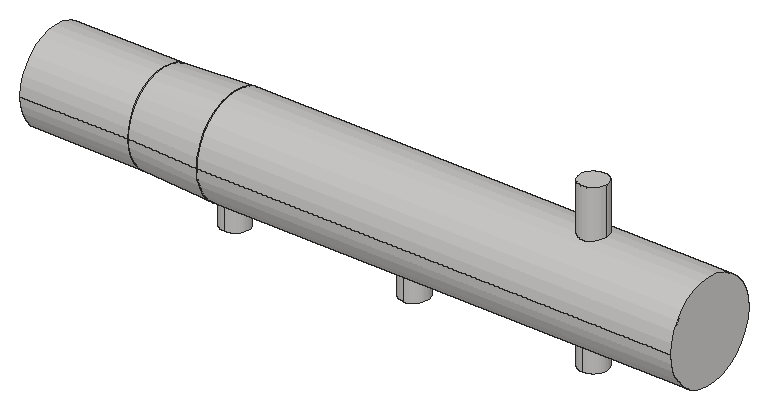
Revit family "BIMLIB_Коллектор_867_3_РОСТерм", category Оборудование, Revit 2017
Family settings
  Размер круглого соединителя = Использовать диаметр
  Тип детали = Нормальный
  На основе рабочей плоскости = Нет
  Всегда вертикально = Да
  При загрузке вырезать с полостями = Нет
  Общий = Нет
  Точка расчета площади = Нет
Parameters (values of type "Коллектор HEIZEN 867 для систем отопления сварной Ду50 на 3 выхода")
  РТ_Шаг = 100 mm
  РТ_l = 100 mm  # constant formula
  РТ_R1 = 27 mm
  РТ_R_низ = РТ_DN_низ / 2  # 7.5 mm
  РТ_DN3 = 15 mm  # constant formula
  Описание = "Коллекторы Heizen изготовлены из высококачественной латуни и нержавеющей стали, что исключает риск протечек. Коллекторы могут быть оснащены различными видами арматуры: ручными балансировочными клапанами,ручными запорными клапанами, термостатическими клапанами, расходомерами, воздухоотводчиками и дренажными кранами."
  РТ_DN_низ = 15 mm  # constant formula
  РТ_DN_бок = 50 mm
  Изготовитель = "РОСТерм"  # constant formula
  URL = "http://rostherm.ru/"
  RT_R2 = РТ_DN_бок / 2  # 25 mm
  BL_Разработано = "support@bimlib.ru"  # constant formula
  BL_Email = "rostherm@bimlib.ru"  # constant formula
  BL_BIM library = "https://bimlib.pro/manufacturer/rosterm/1632/"
  ADSK_Расход жидкости [instance] = 0.0 L/s
  ADSK_Примечание = ""
  ADSK_Позиция = ""
  ADSK_Обозначение = "ГОСТ 12.2.063-2015"  # constant formula
  ADSK_Наименование краткое = "HEIZEN 867 Ду50"
  ADSK_Наименование = "Коллектор HEIZEN 867 для систем отопления сварной Ду50 на 3 выхода"
  ADSK_Материал = BIMLIB_Нержавеющая_сталь_РОСТерм
  ADSK_Масса_Текст = ""
  ADSK_Масса = 0
  ADSK_Марка = "HEIZEN 867"  # constant formula
  ADSK_Код изделия = "867-50-10-03"
  ADSK_Завод-изготовитель = "Heizen"  # constant formula
  ADSK_Единица измерения = "шт."  # constant formula
  ADSK_Версия Revit = "2017"  # constant formula
  ADSK_URL страницы изделия = "http://rostherm.ru/kollektory/"
  ADSK_URL документации изделия = "http://rostherm.ru/"
Types (3, lengths in mm): name | РТ_R1 | РТ_DN_бок | RT_R2 | ADSK_Наименование краткое | ADSK_Наименование | ADSK_Код изделия
  Коллектор HEIZEN 867 для систем отопления сварной Ду50 на 3 выхода | 27 | 50 | 25 | "HEIZEN 867 Ду50" | "Коллектор HEIZEN 867 для систем отопления сварной Ду50 на 3 выхода" | "867-50-10-03"
  Коллектор HEIZEN 867 для систем отопления сварной Ду40 на 3 выхода | 22 | 40 | 20 | "HEIZEN 867 Ду40" | "Коллектор HEIZEN 867 для систем отопления сварной Ду40 на 3 выхода" | "867-40-10-03"
  Коллектор HEIZEN 867 для систем отопления сварной Ду32 на 3 выхода | 18 | 32 | 16 | "HEIZEN 867 Ду32" | "Коллектор HEIZEN 867 для систем отопления сварной Ду32 на 3 выхода" | "867-32-10-03"
Reference planes
  plane 1 "По центру (Вперед/Назад)": y = 0
  plane 2: z = 0
  plane 3 "По центру (Влево/Вправо)": x = 0
  plane 4: x = 100
  plane 5: x = 60
Forms (mm)
  Extrusion 1, solid, material "BIMLIB_Нержавеющая_сталь_РОСТерм" <- "ADSK_Материал", detail levels medium+fine
    sketch origin (65, 0, 0) x (0, 1, 0) y (0, 0, 1)
      loop
        circle (0, 0) r 27
    from 35 to 300
  Sweep 2, solid, material "BIMLIB_Нержавеющая_сталь_РОСТерм" <- "ADSK_Материал", detail levels medium+fine
    path origin (65, 0, 7.5) x (1, 0, 0) y (0, 0, 1)
      loop
        line (35, -7.5) -> (35, -47.5)
    profile origin (100, 0, -20) x (0, -1, 0) y (1, 0, 0)
      loop
        circle (0, 0) r 7.5
  Blend 3, solid, material "BIMLIB_Нержавеющая_сталь_РОСТерм" <- "ADSK_Материал", detail levels medium+fine
    base sketch origin (50, 0, 0) x (0, 1, 0) y (0, 0, 1)
      loop
        circle (0, 0) r 27
    top sketch origin (50, 0, 0) x (0, 1, 0) y (0, 0, 1)
      loop
        circle (0, 0) r 25
    from 50 to 10
  Extrusion 4, solid, material "BIMLIB_Нержавеющая_сталь_РОСТерм" <- "ADSK_Материал", detail levels medium+fine
    sketch origin (50, 0, 0) x (0, 1, 0) y (0, 0, 1)
      loop
        circle (0, 0) r 25
    from -50 to 10
  Sweep 5, solid, material "BIMLIB_Нержавеющая_сталь_РОСТерм" <- "ADSK_Материал", detail levels medium+fine
    path origin (165, 0, 7.5) x (1, 0, 0) y (0, 0, 1)
      loop
        line (35, -7.5) -> (35, -47.5)
    profile origin (200, 0, -20) x (0, -1, 0) y (1, 0, 0)
      loop
        circle (0, 0) r 7.5
  Sweep 6, solid, material "BIMLIB_Нержавеющая_сталь_РОСТерм" <- "ADSK_Материал", detail levels medium+fine
    path origin (265, 0, 7.5) x (1, 0, 0) y (0, 0, 1)
      loop
        line (35, -7.5) -> (35, -47.5)
    profile origin (300, 0, -20) x (0, -1, 0) y (1, 0, 0)
      loop
        circle (0, 0) r 7.5
  Extrusion 7, solid, material "BIMLIB_Нержавеющая_сталь_РОСТерм" <- "ADSK_Материал", detail levels medium+fine
    sketch origin (-799.815, 0, 0) x (1, 0, 0) y (0, 1, 0)
      loop
        circle (1099.815, 0) r 7.5
    from 0 to 52.797
Cuts and joins
  joined: Extrusion 1, Extrusion 7
Lines and regions (mm)
  model lines, detail levels coarse
    curve 1: line (0, 0, 0) -> (365, 0, 0)
    curve 2: line (100, 0, 0) -> (100, 0, -40)
    curve 3: line (200.436, 0, -40) -> (200.436, 0, 0)
    curve 4: line (300, 0, -40) -> (300, 0, 0)
Dimensions and locks
  "РТ_l": plane 4 to plane 3 "По центру (Влево/Вправо)"
  Sweep 2 sketch curve to Sweep 2 sketch curve = 40 mm
  locked: plane 4 to plane 5 at 40
  Sweep 5 sketch curve to Sweep 5 sketch curve = 40 mm
  Sweep 6 sketch curve to Sweep 6 sketch curve = 40 mm
  "РТ_R1": radius of Extrusion 1 sketch curve
  "РТ_R_низ": radius of Sweep 2 sketch curve
  "РТ_R1": radius of Blend 3 sketch curve
  "RT_R2": radius of Blend 3 sketch curve
  "RT_R2": radius of Extrusion 4 sketch curve
  "РТ_R_низ": radius of Sweep 5 sketch curve
  "РТ_R_низ": radius of Sweep 6 sketch curve
  "РТ_R_низ": radius of Extrusion 7 sketch curve
  aligned and locked: level to plane 2
  aligned and locked: curve 2 to plane 4
  aligned and locked: plane 4 to Sweep 2
  aligned and locked: Blend 3 to plane 5
  aligned and locked: Extrusion 4 to plane 3 "По центру (Влево/Вправо)"
  aligned and locked: Extrusion 4 to Blend 3
  aligned and locked: curve 1 to cut or joined group of Extrusion 1, Extrusion 7
Automatic sketch dimensions
  Sweep 2 sketch curve to profile plane = 0 mm
  profile plane to Sweep 2 sketch curve = 0 mm
  Extrusion 1 sketch curve to level = 0 mm
  Extrusion 1 sketch curve to plane 1 "По центру (Вперед/Назад)" = 0 mm
  Blend 3 sketch curve to level = 0 mm  (x2)
  Blend 3 sketch curve to plane 1 "По центру (Вперед/Назад)" = 0 mm  (x2)
  Extrusion 4 sketch curve to level = 0 mm
  Extrusion 4 sketch curve to plane 1 "По центру (Вперед/Назад)" = 0 mm
  Sweep 5 sketch curve to profile plane = 0 mm
  profile plane to Sweep 5 sketch curve = 0 mm
  Sweep 6 sketch curve to profile plane = 0 mm
  profile plane to Sweep 6 sketch curve = 0 mm
  plane 1 "По центру (Вперед/Назад)" to Extrusion 7 sketch curve = 0 mm
  plane 4 to Extrusion 7 sketch curve = 200 mm
  curve 1 to plane 3 "По центру (Влево/Вправо)" = 0 mm
  curve 3 to level = 40 mm
  curve 2 to curve 3 = 100.436 mm
  curve 4 to level = 40 mm
  curve 3 to curve 4 = 99.564 mm
  curve 4 to curve 1 = 65 mm
  curve 2 to level = 40 mm
Connectors
  piping at (100, 0, -40), diameter 15, driven by "РТ_DN_низ", driven by "ADSK_Расход жидкости"
    settings: on Sweep 2, index 3, connector inside diameter 609.6 mm, connector length 0 mm, flow factor 0, pipe flow 0.0 L/s, pressure drop 0.0 Pa, fitting loss kfactor 0, connector angle 0.00°, fixture units 0, engagement length 0 mm, angle of deflection 0.00°, flow configuration 0, flow direction 2, fitting loss method 0, system type 7, joint type 0, gender type 0, connector reference index -1, connector utility 0, adjustable connector no, is connector primary yes, connector description ""
  piping at (0, 0, 0), diameter 50, driven by "ADSK_Расход жидкости", driven by "РТ_DN_бок"
    settings: on Extrusion 4, index 38, connector inside diameter 609.6 mm, connector length 0 mm, flow factor 0, pipe flow 0.0 L/s, pressure drop 0.0 Pa, fitting loss kfactor 0, connector angle 0.00°, fixture units 0, engagement length 0 mm, angle of deflection 0.00°, flow configuration 0, flow direction 1, fitting loss method 0, system type 7, joint type 0, gender type 0, connector reference index -1, connector utility 0, adjustable connector no, is connector primary no, connector description ""
  piping at (200, 0, -40), diameter 15, driven by "РТ_DN_низ", driven by "ADSK_Расход жидкости"
    settings: on Sweep 5, index 39, connector inside diameter 609.6 mm, connector length 0 mm, flow factor 0, pipe flow 0.0 L/s, pressure drop 0.0 Pa, fitting loss kfactor 0, connector angle 0.00°, fixture units 0, engagement length 0 mm, angle of deflection 0.00°, flow configuration 0, flow direction 2, fitting loss method 0, system type 7, joint type 0, gender type 0, connector reference index -1, connector utility 0, adjustable connector no, is connector primary no, connector description ""
  piping at (300, 0, -40), diameter 15, driven by "РТ_DN_низ", driven by "ADSK_Расход жидкости"
    settings: on Sweep 6, index 40, connector inside diameter 609.6 mm, connector length 0 mm, flow factor 0, pipe flow 0.0 L/s, pressure drop 0.0 Pa, fitting loss kfactor 0, connector angle 0.00°, fixture units 0, engagement length 0 mm, angle of deflection 0.00°, flow configuration 0, flow direction 2, fitting loss method 0, system type 7, joint type 0, gender type 0, connector reference index -1, connector utility 0, adjustable connector no, is connector primary no, connector description ""
  piping at (300, 0, 52.797), diameter 15, driven by "РТ_DN3", driven by "ADSK_Расход жидкости"
    settings: on cut or joined group of Extrusion 1, Extrusion 7, index 41, connector inside diameter 609.6 mm, connector length 0 mm, flow factor 0, pipe flow 0.0 L/s, pressure drop 0.0 Pa, fitting loss kfactor 0, connector angle 0.00°, fixture units 0, engagement length 0 mm, angle of deflection 0.00°, flow configuration 0, flow direction 0, fitting loss method 0, system type 29, joint type 0, gender type 0, connector reference index -1, connector utility 0, adjustable connector no, is connector primary no, connector description ""
